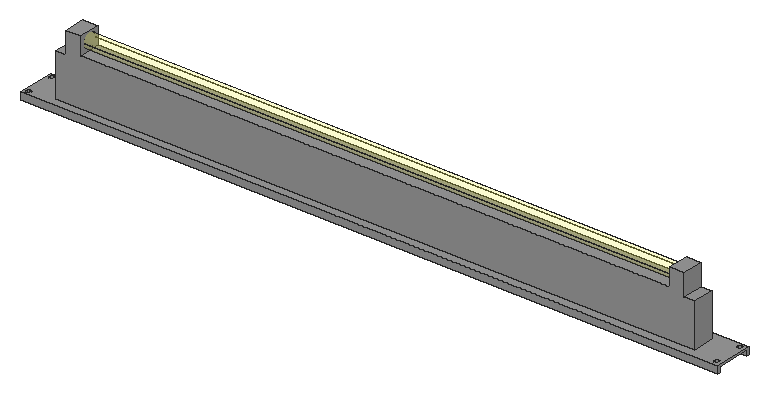
Revit family "ITK_Осветительная панель_Винтовое крепление_1U_IP20", category Обобщенные модели, Revit 2019
Family settings
  Может служить основой для арматурных стержней = Нет
  Размер круглого соединителя = Использовать диаметр
  Тип детали = Нормальный
  На основе рабочей плоскости = Нет
  Всегда вертикально = Да
  При загрузке вырезать с полостями = Нет
  Общий = Нет
  Точка расчета площади = Нет
Parameters (values of type "LE35-1U1")
  Ширина = 483 mm
  Степень защиты = ""
  Материал = Окраска - RAL 7035
  Изготовитель = "ITK"  # constant formula
  Дата изменения = ""
  Глубина = 26 mm
  Высота = 45 mm
  Тип монтажа = "Винтовое крепление"  # constant formula
  URL = "https://www.iek.ru/"
  KSI_CPr_Строительные изделия = "61.1.04.08"  # constant formula
  KSI_CMa_Строительные материалы = "10.03.02.06"  # constant formula
  IEK_Цена за единицу = 2854.72
  IEK_Поиск в таблице имен = ""
  IEK_Описание = "Совместимы со всеми 19\" шкафами и стойками ITK.\r\nСовременный привлекательный дизайн и продуманная конструкция.\r\nУдобны в монтаже и эксплуатации.\r\nВыключатель на корпусе панели.\r\nКабель электропитания в комплекте, 2 м, евровилка.\r\nСоответствие российским и международным стандартам.\r\nВсе осветительные панели идут с крепежом.\r\nПоставляются в качественной компактной упаковке."
  IEK_URL = "https://www.itk-group.ru/produktsiya/catalog/oborudovanie_telekommunikatsionnoe/shkafy_telekommunikatsionnye/komplektuyushchie_i_aksessuary_dlya_shkafov_i_stoek/paneli_s_din_reykoy_osveshchenie_i_zazemlenie/itk_19_osvetitelnaya_panel_1u_s_ruchnym_vkl_seraya"
  ADSK_Ток = ADSK_Номинальная мощность / (ADSK_Коэффициент мощности * ADSK_Напряжение * sqrt(ADSK_Количество фаз числовое))  # 0.0173913 A
  ADSK_Примечание = ""
  ADSK_Полная мощность = ADSK_Номинальная мощность / ADSK_Коэффициент мощности  # 4 VA
  ADSK_Позиция [instance] = ""
  ADSK_Номинальная мощность = 4 W
  ADSK_Напряжение = 230 V
  ADSK_Наименование = "ITK 19\" осветительная панель, 1U, с ручным вкл., серая"
  ADSK_Материал обозначение = ""
  ADSK_Материал наименование = "Листовая сталь, пластик"  # constant formula
  ADSK_Масса = 0.5
  ADSK_Марка = ""
  ADSK_Коэффициент мощности = 1
  ADSK_Количество фаз числовое = 1
  ADSK_Количество фаз = 1
  ADSK_Код изделия = "LE35-1U1"
  ADSK_Классификация нагрузок = Прочее
  ADSK_Завод-изготовитель = "IEK"  # constant formula
  ADSK_Единица измерения = "шт"  # constant formula
  ADSK_Группирование = "I. ЩИТЫ И ПУЛЬТЫ"  # constant formula
  ADSK_Версия семейства = "1.0"  # constant formula
  ADSK_Версия Revit = "2019"  # constant formula
  ADSK_URL страницы изделия = "https://www.itk-group.ru/produktsiya/catalog/oborudovanie_telekommunikatsionnoe/shkafy_telekommunikatsionnye/komplektuyushchie_i_aksessuary_dlya_shkafov_i_stoek/paneli_s_din_reykoy_osveshchenie_i_zazemlenie/"
Reference planes
  plane 1 "По центру (Вперед/Назад)": y = 0
  plane 2: z = 0
  plane 3 "По центру (Влево/Вправо)": x = 0
  plane 4: y = 13
  plane 5: y = -13
  plane 6: x = -241.5
  plane 7: x = 241.5
  plane 8: z = 45
  plane 9: z = 40
Forms (mm)
  Extrusion 1, solid, material "Окраска - RAL 7035" <- "Материал", detail levels fine
    sketch origin (-221.5, 1992.68, 1200) x (0, 1, 0) y (0, 0, 1)
      loop
        line (-1979.68, -1200) -> (-2005.68, -1200) -> (-2005.68, -1205) -> (-2004.662, -1205) -> (-2004.662, -1201.016) -> (-1980.699, -1201.016) -> (-1980.699, -1205) -> (-1979.68, -1205) -> (-1979.68, -1200)
    from -20 to 463
  Extrusion 2, solid, material "Окраска - RAL 7035" <- "Материал", detail levels fine
    sketch origin (-0.5, -7.32, 10) x (1, 0, 0) y (0, 0, 1)
      loop
        line (-203.771, 23) -> (-203.771, 35.071) -> (-213.771, 35.071) -> (-213.771, 20) -> (-221, 20) -> (-221, -10) -> (221, -10) -> (221, 20) -> (213.771, 20) -> (213.771, 35.071) -> (203.771, 35.071) -> (203.771, 23) -> (-203.771, 23)
    from 0 to -14.639
  Extrusion 3, solid, material "Источник света по умолчанию", detail levels fine
    sketch origin (-241.5, 1992.68, 1211.25) x (0, 1, 0) y (0, 0, 1)
      loop
        circle (-1992.68, -1172) r 5
    from 37.229 to 444.771
  Extrusion 4, void
    sketch origin (0, 0, 0) x (1, 0, 0) y (0, 1, 0)
      loop
        circle (-238.159, 10.005) r 1.496
      loop
        circle (-238.159, -10.005) r 1.496
      loop
        circle (238.159, 10.005) r 1.496
      loop
        circle (238.159, -10.005) r 1.496
    from 4.255 to -10
  Extrusion 5, solid, material "Условный материал-отделка", detail levels coarse+medium
    sketch origin (0, 0, 0) x (1, 0, 0) y (0, 1, 0)
      loop
        line (-241.5, 13) -> (-241.5, -11.981) -> (241.5, -11.981) -> (241.5, 13) -> (-241.5, 13)
    from 0 to 45 <- "Высота"
Cuts and joins
  Extrusion 4 cuts Extrusion 1
Dimensions and locks
  equal spacing: plane 6, plane 3 "По центру (Влево/Вправо)", plane 7
  "Ширина": plane 6 to plane 7
  equal spacing: plane 4, plane 1 "По центру (Вперед/Назад)", plane 5
  "Глубина": plane 4 to plane 5
  "Высота": plane 8 to level
  locked: plane 9 to level at 40
  aligned and locked: level to plane 2
  aligned and locked: Extrusion 3 to Extrusion 2
  aligned and locked: Extrusion 1 to plane 6
  aligned and locked: Extrusion 5 sketch curve to cut or joined group of Extrusion 1, Extrusion 4  (x4)
Automatic sketch dimensions
  level to Extrusion 2 sketch curve = 0 mm
  plane 6 to Extrusion 2 sketch curve = 20 mm
  Extrusion 2 sketch curve to Extrusion 2 sketch curve = 7.229 mm  (x2)
  plane 9 to Extrusion 2 sketch curve = 5.071 mm  (x2)
  Extrusion 2 sketch curve to Extrusion 2 sketch curve = 10 mm  (x2)
  Extrusion 2 sketch curve to plane 7 = 38.229 mm
  Extrusion 2 sketch curve to Extrusion 2 sketch curve = 15.071 mm  (x2)
  Extrusion 2 sketch curve to Extrusion 2 sketch curve = 3 mm
  plane 1 "По центру (Вперед/Назад)" to Extrusion 3 sketch curve = 0 mm
  Extrusion 3 sketch curve to plane 9 = 0.75 mm
  Extrusion 1 sketch curve to plane 5 = 0 mm
  Extrusion 1 sketch curve to plane 4 = 0 mm
  Extrusion 1 sketch curve to level = 0 mm
  plane 5 to Extrusion 1 sketch curve = 1.019 mm
  Extrusion 1 sketch curve to Extrusion 1 sketch curve = 1.019 mm
  Extrusion 1 sketch curve to level = 1.016 mm
  Extrusion 1 sketch curve to Extrusion 1 sketch curve = 3.984 mm  (x2)
  plane 6 to Extrusion 4 sketch curve = 3.341 mm  (x2)
  Extrusion 4 sketch curve to plane 7 = 3.341 mm  (x2)
  plane 5 to Extrusion 4 sketch curve = 2.995 mm  (x2)
  Extrusion 4 sketch curve to plane 4 = 2.995 mm  (x2)
  radius of Extrusion 3 sketch curve = 5 mm
  radius of Extrusion 4 sketch curve = 1.496 mm  (x4)
Connectors
  electrical at (0, 0.509, 0), driven by "ADSK_Количество фаз", driven by "ADSK_Классификация нагрузок", driven by "ADSK_Напряжение", driven by "ADSK_Полная мощность", driven by "ADSK_Коэффициент мощности"
    settings: on Extrusion 5, index 1, voltage 230 V, apparent load 0 VA, apparent load phase1 4 VA, apparent load phase2 0 VA, apparent load phase3 0 VA, power factor 1, load classification "Прочее", number of poles 1, system type 31, power factor state 1, is connector primary yes, connector utility no, sub classification motor no, connector description ""
